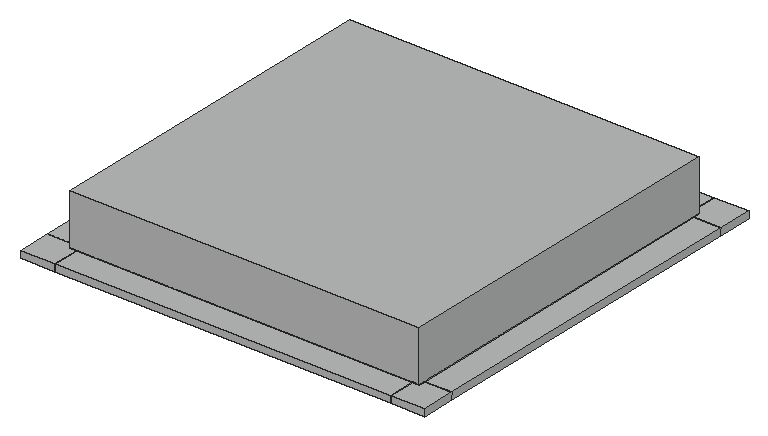
Revit family "ALUMOGIPS", category Осветительные приборы, Revit 2019 (continued)
Types (72, lengths in mm): name | Файл фотометрической сетки | built-in parameter 1150105 | Lumens | built-in parameter 1150106 | built-in parameter 1150142 | Wattage | Emit from Rectangle Width | Emit from Rectangle Length | Длина | Материал светильника | Ширина | ADSK_Ток | ADSK_Полная мощность | ADSK_Обозначение | ADSK_Номинальная мощность | ADSK_Наименование | ADSK_Масса | ADSK_Код изделия
  Alumogips-38/opal-sand 610х610 (IP40, 4000К, серый, грильято) | "Светильник ALUMOGIPS-38 OPAL-SAND-(610x610).IES" | 302.39 (stored number, unit not read) | 3800 lm | 3.0239 (stored number, unit not read) | "IESNA:LM-63-95\r\n[TEST] Протокол № 50-12 \r\n[DATA] 20.06.2016\r\n[MORE] \r\n[MANUFAC] ЗАО \"Центрстройсвет\"\r\n[LUMCAT]  Светильник ALUMOGIPS-38/OPAL-SAND-(610x610)\r\n[LUMINAIRE]\r\n[LAMPCAT] Светодиоды\r\n[LAMP] Поток источника света (светодиодов) не известен\r\n[MORE] КСС приведена в абсолютных величинах кд\r\n[MORE] Вместо потока лампы, указан поток светильника.\r\nTILT=NONE\r\n1    3750 1.0 37 73 1 2 0.61 0.61 0.04\r\n1.0 1.0 38.7\r\n0.0 5.0 10.0 15.0 20.0 25.0 30.0 35.0 40.0 45.0 50.0 55.0 60.0 65.0 70.0 75.0 80.0 85.0 90.0 95.0 100.0 105.0 110.0 115.0 120.0 125.0 130.0 135.0 140.0 145.0 150.0 155.0 160.0 165.0 170.0 175.0 180.0\r\n0.0 5.0 10.0 15.0 20.0 25.0 30.0 35.0 40.0 45.0 50.0 55.0 60.0 65.0 70.0 75.0 80.0 85.0 90.0 95.0 100.0 105.0 110.0 115.0 120.0 125.0 130.0 135.0 140.0 145.0 150.0 155.0 160.0 165.0 170.0 175.0 180.0 185.0 190.0 195.0 200.0 205.0 210.0 215.0 220.0 225.0 230.0 235.0 240.0 245.0 250.0 255.0 260.0 265.0 270.0 275.0 280.0 285.0 290.0 295.0 300.0 305.0 310.0 315.0 320.0 325.0 330.0 335.0 340.0 345.0 350.0 355.0 360.0\r\n1391.4 1390.6 1365.7 1330.6 1277.5 1214.9 1147.5 1059.6 967.6 873.2 772.4 664.9 556.3 449.1 342.7 240.6 147.1 64.2 4.7 0.0 0.0 0.0 0.0 0.0 0.0 0.0 0.0 0.0 0.0 0.0 0.0 0.0 0.0 0.0 0.0 0.0 0.0\r\n1391.4 1390.5 1367.8 1332.7 1284.3 1221.3 1147.0 1062.1 969.2 872.4 773.2 666.3 557.1 450.1 343.8 241.9 146.9 64.7 5.2 0.0 0.0 0.0 0.0 0.0 0.0 0.0 0.0 0.0 0.0 0.0 0.0 0.0 0.0 0.0 0.0 0.0 0.0\r\n1391.4 1390.2 1372.0 1333.3 1277.3 1216.8 1144.5 1057.4 969.6 875.1 773.8 669.5 560.0 454.6 345.8 242.4 148.5 65.8 5.4 0.0 0.0 0.0 0.0 0.0 0.0 0.0 0.0 0.0 0.0 0.0 0.0 0.0 0.0 0.0 0.0 0.0 0.0\r\n1391.4 1389.8 1371.2 1330.7 1279.5 1220.5 1148.3 1059.9 967.7 873.2 767.5 666.8 561.4 453.0 347.1 243.7 149.9 65.6 5.8 0.0 0.0 0.0 0.0 0.0 0.0 0.0 0.0 0.0 0.0 0.0 0.0 0.0 0.0 0.0 0.0 0.0 0.0\r\n1391.4 1389.8 1368.3 1329.3 1285.0 1214.6 1141.1 1058.7 971.8 871.3 775.2 666.9 559.4 452.6 345.8 242.5 150.0 65.8 6.1 0.0 0.0 0.0 0.0 0.0 0.0 0.0 0.0 0.0 0.0 0.0 0.0 0.0 0.0 0.0 0.0 0.0 0.0\r\n1391.4 1390.5 1367.3 1332.3 1281.7 1219.0 1142.8 1064.6 970.5 874.4 772.1 667.5 560.2 453.0 346.2 241.8 149.4 65.7 5.6 0.0 0.0 0.0 0.0 0.0 0.0 0.0 0.0 0.0 0.0 0.0 0.0 0.0 0.0 0.0 0.0 0.0 0.0\r\n1391.4 1391.4 1368.1 1333.5 1277.3 1215.7 1139.0 1059.6 968.1 872.4 771.6 667.4 558.8 453.3 344.3 243.9 148.4 65.7 5.4 0.0 0.0 0.0 0.0 0.0 0.0 0.0 0.0 0.0 0.0 0.0 0.0 0.0 0.0 0.0 0.0 0.0 0.0\r\n1391.4 1391.7 1368.1 1330.4 1278.2 1213.9 1142.4 1061.6 967.4 875.1 772.0 669.3 561.1 452.5 345.2 242.1 148.3 65.4 5.5 0.0 0.0 0.0 0.0 0.0 0.0 0.0 0.0 0.0 0.0 0.0 0.0 0.0 0.0 0.0 0.0 0.0 0.0\r\n1391.4 1391.5 1371.0 1328.4 1278.5 1216.7 1142.1 1061.2 971.8 874.7 772.1 668.9 560.8 452.9 345.4 243.3 147.7 66.0 5.4 0.0 0.0 0.0 0.0 0.0 0.0 0.0 0.0 0.0 0.0 0.0 0.0 0.0 0.0 0.0 0.0 0.0 0.0\r\n1391.4 1391.5 1373.2 1330.5 1277.3 1215.5 1143.2 1063.6 967.0 872.7 772.2 669.4 558.9 453.2 346.6 241.9 148.1 65.2 5.5 0.0 0.0 0.0 0.0 0.0 0.0 0.0 0.0 0.0 0.0 0.0 0.0 0.0 0.0 0.0 0.0 0.0 0.0\r\n1391.4 1391.4 1369.7 1328.3 1281.3 1216.0 1139.8 1057.9 968.7 875.3 773.9 667.6 561.8 454.0 344.0 243.1 147.2 65.6 5.5 0.0 0.0 0.0 0.0 0.0 0.0 0.0 0.0 0.0 0.0 0.0 0.0 0.0 0.0 0.0 0.0 0.0 0.0\r\n1391.4 1390.5 1367.9 1330.1 1278.1 1218.1 1138.9 1061.0 970.0 871.8 770.4 669.3 560.2 453.4 346.9 242.1 148.3 65.2 5.2 0.0 0.0 0.0 0.0 0.0 0.0 0.0 0.0 0.0 0.0 0.0 0.0 0.0 0.0 0.0 0.0 0.0 0.0\r\n1391.4 1389.3 1368.2 1329.1 1280.8 1214.4 1142.5 1059.2 967.2 874.3 772.4 668.0 563.1 452.3 345.7 242.8 146.8 64.9 5.1 0.0 0.0 0.0 0.0 0.0 0.0 0.0 0.0 0.0 0.0 0.0 0.0 0.0 0.0 0.0 0.0 0.0 0.0\r\n1391.4 1388.6 1367.4 1327.8 1278.0 1215.7 1141.0 1061.0 971.5 877.3 771.2 667.3 561.5 453.0 346.4 242.4 146.3 64.8 5.2 0.0 0.0 0.0 0.0 0.0 0.0 0.0 0.0 0.0 0.0 0.0 0.0 0.0 0.0 0.0 0.0 0.0 0.0\r\n1391.4 1388.0 1367.6 1326.7 1278.3 1218.0 1140.9 1061.5 968.4 873.4 770.1 666.6 562.1 454.6 344.8 241.8 146.4 64.0 5.5 0.0 0.0 0.0 0.0 0.0 0.0 0.0 0.0 0.0 0.0 0.0 0.0 0.0 0.0 0.0 0.0 0.0 0.0\r\n1391.4 1387.2 1366.1 1331.0 1281.4 1216.3 1142.7 1059.1 969.4 871.5 772.2 667.3 560.5 453.0 344.4 242.2 146.4 63.8 5.6 0.0 0.0 0.0 0.0 0.0 0.0 0.0 0.0 0.0 0.0 0.0 0.0 0.0 0.0 0.0 0.0 0.0 0.0\r\n1391.4 1387.1 1366.3 1328.7 1276.9 1214.5 1141.2 1059.3 968.4 874.3 775.5 668.3 562.5 454.9 346.4 241.3 146.2 63.5 5.7 0.0 0.0 0.0 0.0 0.0 0.0 0.0 0.0 0.0 0.0 0.0 0.0 0.0 0.0 0.0 0.0 0.0 0.0\r\n1391.4 1388.4 1366.0 1329.7 1279.2 1217.9 1140.0 1060.5 969.0 873.9 772.0 671.3 560.4 453.2 343.7 241.7 145.8 63.7 5.4 0.0 0.0 0.0 0.0 0.0 0.0 0.0 0.0 0.0 0.0 0.0 0.0 0.0 0.0 0.0 0.0 0.0 0.0\r\n1391.4 1389.6 1367.7 1329.3 1277.2 1211.1 1140.1 1061.0 971.0 871.2 769.2 669.1 561.5 453.1 343.3 241.9 145.8 63.4 5.2 0.0 0.0 0.0 0.0 0.0 0.0 0.0 0.0 0.0 0.0 0.0 0.0 0.0 0.0 0.0 0.0 0.0 0.0\r\n1391.4 1388.8 1366.9 1327.1 1279.4 1214.2 1142.5 1056.4 970.7 870.3 771.0 665.1 560.4 453.3 343.8 241.1 145.7 63.4 5.2 0.0 0.0 0.0 0.0 0.0 0.0 0.0 0.0 0.0 0.0 0.0 0.0 0.0 0.0 0.0 0.0 0.0 0.0\r\n1391.4 1387.2 1365.8 1328.9 1276.6 1210.2 1141.4 1059.3 966.6 871.4 770.5 667.4 559.2 451.4 344.2 241.0 145.6 63.2 5.1 0.0 0.0 0.0 0.0 0.0 0.0 0.0 0.0 0.0 0.0 0.0 0.0 0.0 0.0 0.0 0.0 0.0 0.0\r\n1391.4 1386.8 1364.4 1329.8 1279.4 1213.7 1144.0 1059.0 965.3 873.7 768.8 668.9 559.4 449.5 342.6 241.5 144.6 63.4 5.0 0.0 0.0 0.0 0.0 0.0 0.0 0.0 0.0 0.0 0.0 0.0 0.0 0.0 0.0 0.0 0.0 0.0 0.0\r\n1391.4 1388.1 1365.8 1328.1 1273.8 1213.4 1137.9 1059.2 967.3 869.2 769.3 667.7 558.4 451.4 344.0 240.6 145.7 63.4 4.9 0.0 0.0 0.0 0.0 0.0 0.0 0.0 0.0 0.0 0.0 0.0 0.0 0.0 0.0 0.0 0.0 0.0 0.0\r\n1391.4 1389.2 1364.4 1323.2 1276.3 1213.8 1137.6 1055.3 963.1 871.0 767.7 664.1 559.7 447.1 342.4 240.1 145.2 63.9 5.1 0.0 0.0 0.0 0.0 0.0 0.0 0.0 0.0 0.0 0.0 0.0 0.0 0.0 0.0 0.0 0.0 0.0 0.0\r\n1391.4 1388.4 1362.3 1326.8 1274.4 1212.2 1137.9 1054.7 966.7 867.9 768.7 663.4 557.3 449.2 343.3 240.0 145.7 63.6 5.0 0.0 0.0 0.0 0.0 0.0 0.0 0.0 0.0 0.0 0.0 0.0 0.0 0.0 0.0 0.0 0.0 0.0 0.0\r\n1391.4 1386.2 1361.8 1326.5 1273.3 1211.2 1134.5 1048.6 964.3 866.3 767.8 662.9 556.7 449.5 341.9 239.8 145.7 63.7 5.0 0.0 0.0 0.0 0.0 0.0 0.0 0.0 0.0 0.0 0.0 0.0 0.0 0.0 0.0 0.0 0.0 0.0 0.0\r\n1391.4 1384.4 1363.5 1324.4 1272.0 1209.5 1137.2 1053.0 960.2 867.5 767.9 662.7 556.7 449.2 342.5 239.1 146.2 63.8 4.8 0.0 0.0 0.0 0.0 0.0 0.0 0.0 0.0 0.0 0.0 0.0 0.0 0.0 0.0 0.0 0.0 0.0 0.0\r\n1391.4 1383.7 1362.4 1324.4 1274.0 1209.5 1134.4 1050.1 965.4 864.9 764.6 662.3 556.6 447.9 340.5 240.3 145.5 64.6 4.6 0.0 0.0 0.0 0.0 0.0 0.0 0.0 0.0 0.0 0.0 0.0 0.0 0.0 0.0 0.0 0.0 0.0 0.0\r\n1391.4 1384.4 1361.9 1326.9 1270.2 1207.3 1132.7 1050.1 959.7 867.7 763.1 662.2 555.0 447.3 343.0 238.3 145.8 63.9 4.7 0.0 0.0 0.0 0.0 0.0 0.0 0.0 0.0 0.0 0.0 0.0 0.0 0.0 0.0 0.0 0.0 0.0 0.0\r\n1391.4 1385.1 1363.0 1320.0 1270.4 1207.9 1134.4 1055.0 963.5 867.3 766.7 660.7 555.9 450.1 342.6 240.2 145.9 64.3 4.9 0.0 0.0 0.0 0.0 0.0 0.0 0.0 0.0 0.0 0.0 0.0 0.0 0.0 0.0 0.0 0.0 0.0 0.0\r\n1391.4 1384.9 1362.3 1321.4 1273.1 1208.0 1135.4 1052.3 961.9 865.0 764.0 660.8 553.5 447.6 341.2 240.3 146.1 63.8 4.8 0.0 0.0 0.0 0.0 0.0 0.0 0.0 0.0 0.0 0.0 0.0 0.0 0.0 0.0 0.0 0.0 0.0 0.0\r\n1391.4 1383.8 1361.2 1322.1 1265.1 1211.5 1132.8 1049.3 961.3 863.4 764.0 661.0 550.7 447.9 341.0 240.1 146.2 63.8 4.6 0.0 0.0 0.0 0.0 0.0 0.0 0.0 0.0 0.0 0.0 0.0 0.0 0.0 0.0 0.0 0.0 0.0 0.0\r\n1391.4 1382.8 1359.3 1321.5 1269.3 1206.8 1132.8 1051.1 958.3 863.2 763.1 662.7 553.4 448.0 340.4 240.0 145.8 63.8 4.0 0.0 0.0 0.0 0.0 0.0 0.0 0.0 0.0 0.0 0.0 0.0 0.0 0.0 0.0 0.0 0.0 0.0 0.0\r\n1391.4 1382.6 1359.0 1319.6 1268.1 1204.3 1129.8 1049.0 957.7 861.8 761.7 658.4 554.2 446.1 340.4 239.0 145.6 63.8 3.8 0.0 0.0 0.0 0.0 0.0 0.0 0.0 0.0 0.0 0.0 0.0 0.0 0.0 0.0 0.0 0.0 0.0 0.0\r\n1391.4 1382.8 1358.5 1315.8 1266.5 1202.1 1128.5 1049.2 957.6 860.0 762.1 658.2 549.9 443.8 339.6 238.4 145.7 63.6 3.7 0.0 0.0 0.0 0.0 0.0 0.0 0.0 0.0 0.0 0.0 0.0 0.0 0.0 0.0 0.0 0.0 0.0 0.0\r\n1391.4 1382.2 1360.5 1319.2 1265.9 1204.5 1129.9 1046.9 955.0 862.9 758.9 657.9 552.5 444.9 338.9 238.8 145.3 63.6 3.3 0.0 0.0 0.0 0.0 0.0 0.0 0.0 0.0 0.0 0.0 0.0 0.0 0.0 0.0 0.0 0.0 0.0 0.0\r\n1391.4 1381.1 1361.2 1321.0 1268.1 1203.8 1128.8 1047.4 955.6 863.7 761.1 656.4 551.5 445.2 339.2 238.5 144.7 62.5 3.5 0.0 0.0 0.0 0.0 0.0 0.0 0.0 0.0 0.0 0.0 0.0 0.0 0.0 0.0 0.0 0.0 0.0 0.0\r\n1391.4 1380.6 1359.0 1316.4 1268.5 1204.0 1126.1 1049.5 956.2 859.6 759.7 656.5 549.2 444.3 338.4 236.1 143.8 61.6 3.2 0.0 0.0 0.0 0.0 0.0 0.0 0.0 0.0 0.0 0.0 0.0 0.0 0.0 0.0 0.0 0.0 0.0 0.0\r\n1391.4 1380.7 1356.6 1316.0 1267.0 1205.6 1130.3 1044.8 956.9 856.7 759.3 653.5 548.1 441.9 335.3 235.4 141.4 60.3 2.9 0.0 0.0 0.0 0.0 0.0 0.0 0.0 0.0 0.0 0.0 0.0 0.0 0.0 0.0 0.0 0.0 0.0 0.0\r\n1391.4 1380.4 1354.4 1317.9 1268.8 1199.0 1129.0 1044.0 956.9 860.6 758.3 656.9 549.1 442.0 334.4 236.1 141.7 60.5 2.6 0.0 0.0 0.0 0.0 0.0 0.0 0.0 0.0 0.0 0.0 0.0 0.0 0.0 0.0 0.0 0.0 0.0 0.0\r\n1391.4 1380.1 1356.7 1322.1 1264.6 1201.7 1129.9 1047.4 957.2 859.7 758.2 656.1 549.4 442.8 335.3 235.8 141.3 60.6 2.3 0.0 0.0 0.0 0.0 0.0 0.0 0.0 0.0 0.0 0.0 0.0 0.0 0.0 0.0 0.0 0.0 0.0 0.0\r\n1391.4 1379.9 1357.3 1317.5 1265.9 1207.8 1129.2 1046.5 955.7 860.2 758.6 656.9 550.7 441.9 335.4 233.9 140.6 60.2 2.4 0.0 0.0 0.0 0.0 0.0 0.0 0.0 0.0 0.0 0.0 0.0 0.0 0.0 0.0 0.0 0.0 0.0 0.0\r\n1391.4 1379.2 1355.5 1314.6 1269.3 1203.7 1133.5 1044.8 957.2 857.9 762.0 656.6 548.7 440.4 335.9 234.5 140.4 59.8 2.8 0.0 0.0 0.0 0.0 0.0 0.0 0.0 0.0 0.0 0.0 0.0 0.0 0.0 0.0 0.0 0.0 0.0 0.0\r\n1391.4 1377.9 1357.1 1319.2 1271.9 1204.4 1128.6 1050.2 953.1 856.9 757.6 653.7 548.9 439.9 335.4 232.4 140.5 59.2 3.0 0.0 0.0 0.0 0.0 0.0 0.0 0.0 0.0 0.0 0.0 0.0 0.0 0.0 0.0 0.0 0.0 0.0 0.0\r\n1391.4 1377.2 1356.3 1322.9 1266.0 1204.8 1132.2 1049.0 958.1 859.3 759.0 654.6 547.0 441.6 334.9 232.1 139.3 58.8 2.9 0.0 0.0 0.0 0.0 0.0 0.0 0.0 0.0 0.0 0.0 0.0 0.0 0.0 0.0 0.0 0.0 0.0 0.0\r\n1391.4 1377.8 1353.8 1319.7 1269.6 1207.9 1135.8 1049.5 955.8 858.0 762.4 655.9 548.2 441.6 335.6 231.7 139.4 58.8 2.8 0.0 0.0 0.0 0.0 0.0 0.0 0.0 0.0 0.0 0.0 0.0 0.0 0.0 0.0 0.0 0.0 0.0 0.0\r\n1391.4 1378.5 1355.2 1319.8 1267.3 1206.5 1131.2 1046.1 954.6 861.2 756.6 653.8 548.1 440.3 335.0 232.6 138.6 59.0 2.9 0.0 0.0 0.0 0.0 0.0 0.0 0.0 0.0 0.0 0.0 0.0 0.0 0.0 0.0 0.0 0.0 0.0 0.0\r\n1391.4 1378.6 1355.1 1318.3 1269.7 1200.8 1133.1 1049.0 957.6 862.5 762.4 656.9 549.3 443.5 334.7 231.2 138.8 58.1 3.0 0.0 0.0 0.0 0.0 0.0 0.0 0.0 0.0 0.0 0.0 0.0 0.0 0.0 0.0 0.0 0.0 0.0 0.0\r\n1391.4 1378.8 1355.8 1321.7 1268.8 1210.0 1129.0 1048.5 958.8 862.4 762.2 656.4 549.0 441.1 335.4 231.5 138.5 58.1 3.0 0.0 0.0 0.0 0.0 0.0 0.0 0.0 0.0 0.0 0.0 0.0 0.0 0.0 0.0 0.0 0.0 0.0 0.0\r\n1391.4 1379.6 1357.6 1321.7 1269.0 1207.1 1133.9 1047.0 964.1 863.3 761.9 656.4 551.5 440.7 334.9 232.2 137.6 58.1 2.8 0.0 0.0 0.0 0.0 0.0 0.0 0.0 0.0 0.0 0.0 0.0 0.0 0.0 0.0 0.0 0.0 0.0 0.0\r\n1391.4 1380.6 1357.7 1319.2 1272.0 1207.5 1131.3 1054.6 959.0 863.3 764.8 655.9 549.1 443.0 335.1 231.3 138.0 58.1 2.7 0.0 0.0 0.0 0.0 0.0 0.0 0.0 0.0 0.0 0.0 0.0 0.0 0.0 0.0 0.0 0.0 0.0 0.0\r\n1391.4 1381.5 1358.5 1321.9 1271.0 1204.1 1135.9 1055.8 962.5 865.5 761.1 656.9 550.6 442.0 335.3 231.9 137.4 57.9 2.6 0.0 0.0 0.0 0.0 0.0 0.0 0.0 0.0 0.0 0.0 0.0 0.0 0.0 0.0 0.0 0.0 0.0 0.0\r\n1391.4 1381.3 1358.5 1322.3 1270.8 1207.2 1133.7 1051.9 958.0 867.3 767.5 657.0 552.1 442.3 333.6 231.2 137.9 57.8 2.6 0.0 0.0 0.0 0.0 0.0 0.0 0.0 0.0 0.0 0.0 0.0 0.0 0.0 0.0 0.0 0.0 0.0 0.0\r\n1391.4 1380.6 1359.4 1319.7 1270.6 1209.0 1133.0 1052.1 963.9 867.5 764.1 660.0 554.0 443.3 334.8 231.7 137.6 57.8 2.7 0.0 0.0 0.0 0.0 0.0 0.0 0.0 0.0 0.0 0.0 0.0 0.0 0.0 0.0 0.0 0.0 0.0 0.0\r\n1391.4 1381.3 1359.9 1321.3 1270.6 1204.8 1135.0 1051.3 962.1 865.5 761.7 660.3 553.1 443.5 334.1 231.9 137.9 57.8 2.8 0.0 0.0 0.0 0.0 0.0 0.0 0.0 0.0 0.0 0.0 0.0 0.0 0.0 0.0 0.0 0.0 0.0 0.0\r\n1391.4 1383.1 1362.1 1324.8 1273.8 1208.7 1134.8 1055.9 961.8 866.4 762.3 659.7 552.4 443.7 334.4 232.8 138.0 58.0 2.8 0.0 0.0 0.0 0.0 0.0 0.0 0.0 0.0 0.0 0.0 0.0 0.0 0.0 0.0 0.0 0.0 0.0 0.0\r\n1391.4 1384.6 1360.4 1321.7 1272.0 1210.6 1130.9 1052.5 963.1 866.7 767.4 659.3 553.7 444.6 335.4 233.1 138.3 58.0 2.8 0.0 0.0 0.0 0.0 0.0 0.0 0.0 0.0 0.0 0.0 0.0 0.0 0.0 0.0 0.0 0.0 0.0 0.0\r\n1391.4 1385.6 1357.5 1324.7 1273.9 1211.6 1134.3 1052.7 963.6 865.4 763.1 658.7 552.2 444.9 336.9 232.8 138.8 58.6 2.9 0.0 0.0 0.0 0.0 0.0 0.0 0.0 0.0 0.0 0.0 0.0 0.0 0.0 0.0 0.0 0.0 0.0 0.0\r\n1391.4 1386.4 1357.8 1323.4 1273.2 1212.2 1136.3 1054.7 967.5 867.5 764.0 659.4 553.3 443.7 336.8 233.2 138.9 58.5 3.1 0.0 0.0 0.0 0.0 0.0 0.0 0.0 0.0 0.0 0.0 0.0 0.0 0.0 0.0 0.0 0.0 0.0 0.0\r\n1391.4 1386.6 1362.0 1324.9 1273.2 1211.3 1139.0 1049.9 960.3 866.4 768.0 661.3 552.2 443.4 336.3 233.4 139.8 58.9 3.1 0.0 0.0 0.0 0.0 0.0 0.0 0.0 0.0 0.0 0.0 0.0 0.0 0.0 0.0 0.0 0.0 0.0 0.0\r\n1391.4 1386.0 1360.5 1326.0 1271.8 1212.0 1137.2 1059.3 963.5 867.6 766.9 661.2 552.3 445.8 337.8 233.6 141.0 59.2 3.3 0.0 0.0 0.0 0.0 0.0 0.0 0.0 0.0 0.0 0.0 0.0 0.0 0.0 0.0 0.0 0.0 0.0 0.0\r\n1391.4 1385.0 1362.3 1325.1 1272.0 1207.1 1138.5 1053.6 964.5 865.8 766.5 661.6 554.3 445.9 337.0 234.5 140.4 60.2 3.5 0.0 0.0 0.0 0.0 0.0 0.0 0.0 0.0 0.0 0.0 0.0 0.0 0.0 0.0 0.0 0.0 0.0 0.0\r\n1391.4 1384.4 1361.8 1323.6 1274.0 1214.8 1138.9 1053.9 968.0 867.9 769.0 663.8 555.6 446.7 339.6 235.0 141.3 60.4 3.4 0.0 0.0 0.0 0.0 0.0 0.0 0.0 0.0 0.0 0.0 0.0 0.0 0.0 0.0 0.0 0.0 0.0 0.0\r\n1391.4 1385.0 1360.9 1322.2 1272.4 1209.8 1137.2 1055.7 962.7 869.7 769.6 658.2 556.6 447.4 338.5 236.2 142.5 60.7 3.4 0.0 0.0 0.0 0.0 0.0 0.0 0.0 0.0 0.0 0.0 0.0 0.0 0.0 0.0 0.0 0.0 0.0 0.0\r\n1391.4 1386.6 1363.1 1323.6 1272.5 1211.5 1139.2 1058.4 969.9 868.0 768.8 664.6 556.3 445.8 342.1 236.1 142.3 61.2 3.5 0.0 0.0 0.0 0.0 0.0 0.0 0.0 0.0 0.0 0.0 0.0 0.0 0.0 0.0 0.0 0.0 0.0 0.0\r\n1391.4 1388.6 1360.9 1330.2 1273.7 1213.2 1138.7 1058.3 966.2 867.0 766.8 663.4 553.3 447.1 339.2 238.7 143.0 61.4 3.8 0.0 0.0 0.0 0.0 0.0 0.0 0.0 0.0 0.0 0.0 0.0 0.0 0.0 0.0 0.0 0.0 0.0 0.0\r\n1391.4 1389.8 1360.8 1328.4 1276.8 1216.0 1140.1 1055.8 963.1 870.3 768.4 663.1 554.0 449.1 340.1 237.3 144.8 61.7 3.8 0.0 0.0 0.0 0.0 0.0 0.0 0.0 0.0 0.0 0.0 0.0 0.0 0.0 0.0 0.0 0.0 0.0 0.0\r\n1391.4 1389.3 1362.5 1325.9 1278.0 1210.4 1138.2 1054.7 967.8 872.7 770.2 661.9 556.5 446.9 341.3 237.7 144.4 62.5 3.9 0.0 0.0 0.0 0.0 0.0 0.0 0.0 0.0 0.0 0.0 0.0 0.0 0.0 0.0 0.0 0.0 0.0 0.0\r\n1391.4 1387.8 1365.8 1326.6 1274.3 1213.2 1141.4 1053.1 966.2 871.2 768.4 663.7 555.0 447.1 341.3 238.2 144.3 62.7 4.1 0.0 0.0 0.0 0.0 0.0 0.0 0.0 0.0 0.0 0.0 0.0 0.0 0.0 0.0 0.0 0.0 0.0 0.0\r\n1391.4 1387.2 1364.2 1328.3 1274.8 1209.4 1145.0 1060.0 963.9 867.5 766.5 663.4 556.7 448.2 340.9 240.3 144.7 63.3 4.0 0.0 0.0 0.0 0.0 0.0 0.0 0.0 0.0 0.0 0.0 0.0 0.0 0.0 0.0 0.0 0.0 0.0 0.0\r\n1391.4 1388.4 1364.9 1332.6 1279.0 1215.6 1140.9 1056.3 969.3 867.1 770.0 663.8 559.0 449.0 342.4 240.3 145.7 63.3 4.7 0.0 0.0 0.0 0.0 0.0 0.0 0.0 0.0 0.0 0.0 0.0 0.0 0.0 0.0 0.0 0.0 0.0 0.0\r\n1391.4 1390.0 1364.5 1329.3 1281.4 1217.7 1141.3 1063.3 970.3 871.1 768.8 663.5 555.2 449.3 342.4 239.8 146.6 63.3 4.9 0.0 0.0 0.0 0.0 0.0 0.0 0.0 0.0 0.0 0.0 0.0 0.0 0.0 0.0 0.0 0.0 0.0 0.0\r\n1391.4 1390.6 1365.7 1330.6 1277.5 1214.9 1147.5 1059.6 967.6 873.2 772.4 664.9 556.3 449.1 342.7 240.6 147.1 64.2 4.7 0.0 0.0 0.0 0.0 0.0 0.0 0.0 0.0 0.0 0.0 0.0 0.0 0.0 0.0 0.0 0.0 0.0 0.0\r\n" | 25.582 W | 590 | 590 | 610 | RAL 9006 | 610 | 0.179584 A | 41.3043 VA | "Alumogips-38/opal-sand 610х610 (IP40, 4000К, серый, грильято)" | 38 W | "Встраиваемый светодиодный светильник Alumogips-38/opal-sand 610х610 (IP40, 4000К, серый, грильято)" | 2.4 | "ЦБ00000
    7803"
